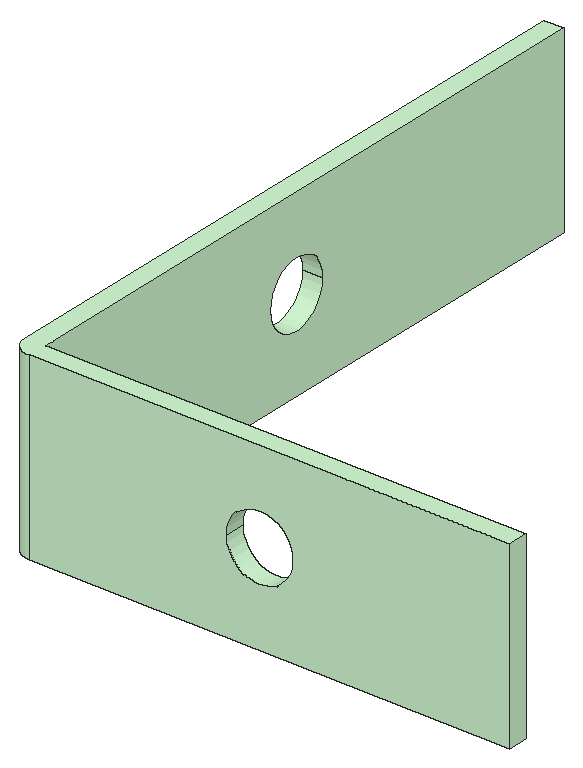
Revit family "hlkanagu", category 機械設備, Revit 2022
Family settings
  丸型コネクタ寸法 = 直径を使用
  種別 = なし
  パーツ タイプ = 標準
  作業面ベース = いいえ
  常に垂直 = はい
  ロード時にボイドで切り取り = いいえ
  注釈の向きを維持 = いいえ
  共有 = いいえ
  部屋計算ポイント = いいえ
Parameters
  製造元 = "株式会社桐井製作所"
  既定の高さ = 0 mm
  URL = "https://www.kirii.co.jp/"
  K_材質 = "溶融亜鉛めっき鋼板及び鋼帯 SGCC 一般用"
  K_品名 = "HL金具"
  K_名称 = "HL金具"
  K_バージョン情報 = "20220915"
  K_JIS規格 = "JIS G 3302"
Reference planes
  plane 1 "中心(正面/背面)": y = 0
  plane 2: z = 0
  plane 3 "中心(左/右)": x = 0
Forms (mm)
  Extrusion 1, solid
    sketch origin (0, 0, 0) x (1, 0, 0) y (0, 1, 0)
      loop
        line (1.2, 1.2) -> (1.2, 40) -> (0, 40) -> (0, 1.2)
        arc (0, 1.2) -> (0.351, 0.351) -> (1.2, 0) r 1.2
        line (1.2, 0) -> (30, 0) -> (30, 1.2) -> (1.2, 1.2)
    from -11 to 0
  Extrusion 2, void
    sketch origin (0, 0, 0) x (1, 0, 0) y (0, 0, 1)
      loop
        circle (15, -5.5) r 2
    from -1.2 to 0
  Extrusion 3, void
    sketch origin (0, 0, 0) x (0, 1, 0) y (0, 0, 1)
      loop
        circle (20, -5.5) r 2
    from 0 to 1.2
Cuts and joins
  Extrusion 2, Extrusion 3 cuts Extrusion 1
Dimensions and locks
  aligned and locked: level to plane 2
